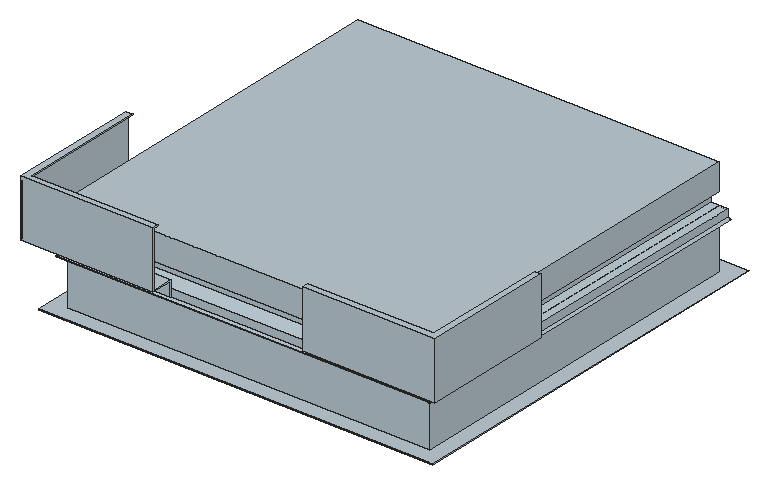
Revit family "NLRS_33_RB_DO_BILCO_dakluik_ESW-50REM", category Doors, host Roof, Revit 2015
Parameters (values of type "SmokeVentESW-50REM")
  windweerstand = "WL 1500"  # constant formula
  waterdicht = yes
  wapening = ""
  vergrendeling = ""
  thermische onderbreking = no
  sluiting_inbus = 0
  scharnierend = yes
  reukdicht = ""
  productgroep = "Dakluiken"  # constant formula
  openstand vergrendeling = no
  openingshoek = 140.00°
  omschrijving = "rookluik ESW-50-REM"  # constant formula
  omranding waterafvoerend = no
  omranding hoekprofiel = no
  omranding = yes
  normering = "EN12101-2"  # constant formula
  materiaal_rand = bcb_aluminium
  materiaal_paneel = bcb_aluminium
  materiaal = bcb_aluminium
  luchtdicht = ""
  lengte paneel = dagmaatlengte + 52 mm * 2  # 1364 mm
  lengte = dagmaatlengte + 114 mm * 2  # 1488 mm
  isolatiewaarde = 2.13  # constant formula
  isolatie = ""
  hoogte = hoogte opstand + 70 mm  # 375 mm
  gewicht = 0
  gasdrukveer = ""
  deksel of betonvulling = ""
  dagmaatlengte = 1260 mm  # constant formula
  dagmaatbreedte = 1260 mm  # constant formula
  conservering = "brut"  # constant formula
  code productgroep = "LUI"  # constant formula
  breuklast kN = 0
  breedte paneel = dagmaatbreedte + 52 mm * 2  # 1364 mm
  breedte = dagmaatbreedte + 114 mm * 2  # 1488 mm
  brandwerend 60 min = no
  bediening = "elektrisch"  # constant formula
  afsluitbaar = ""
  aansluiting BMC = yes
  Width = breedte  # 1488 mm
  hoogte opstand = 305 mm  # constant formula
  Thickness = 0 mm
  constructiedikte dak [instance] = 152.4 mm
  Rough Width = 0 mm
  Rough Height = 0 mm
  RWA = yes
  Model = "ESW50REM"  # constant formula
  Manufacturer = "Bilco"  # constant formula
  Length = lengte  # 1488 mm
  IfcExportType = "NOTDEFINED"  # constant formula
  IfcExportAs = "IfcDoor"  # constant formula
  Height = hoogte  # 375 mm
  Description = "rookluik ESW-50-REM"
  BCB_ProjectFolder = ""
Reference planes
  plane 1 "Center (Front/Back)": y = 0
  plane 2 "Roof": z = 4000
  plane 3 "Center (Left/Right)": x = 0
  plane 4: x = -630
  plane 5: x = 630
  plane 6: y = -630
  plane 7: y = 630
  plane 8 "RoofTopFace": z = 4152.4
  plane 9: z = 4457.4
  plane 10: z = 4425.4
  plane 11: z = 4527.4
  plane 12: y = 682
  plane 13: y = -682
  plane 14: x = -682
  plane 15: x = 682
  plane 16: y = 677
  plane 17: x = -677
  plane 18: x = 677
  plane 19: y = -677
  plane 20: x = -666
  plane 21: y = 666
  plane 22: y = -666
  plane 23: x = 666
  plane 24: x = -744
  plane 25: x = 744
  plane 26: y = 182.5
  plane 27: y = -182.5
  plane 28: z = 4472.4
  plane 29: y = -176.899
  plane 30: y = -783
  plane 31: x = -783
  plane 32: x = 783
  plane 33: x = -283
  plane 34: x = 283
  plane 35: y = -283
  plane 36: x = -325
Forms (mm)
  Sweep 1, solid, material "bcb_aluminium" <- "materiaal_rand", detail levels medium+fine
    path origin (0, 0, 4152.4) x (0, 1, 0) y (-1, 0, 0)
      loop
        line (-630, 630) -> (-630, -630) -> (630, -630) -> (630, 630) -> (-630, 630)
    profile "NLRS_33_RB_DO_Bilco_ESW-50REM_Profiel_Rand-Fine : NLRS_33_RB_DO_Bilco_ESW-50REM_Profiel_Rand-Fine" origin (0, -630, 4152.4) x (0, 1, 0) y (0, 0, 1)
      loop
        line (0, 0) -> (0, 305) -> (-36, 305) -> (-36, 243) -> (-70, 216) -> (-70, 188) -> (-78, 178) -> (-76.438, 176.751) -> (-68, 187.298) -> (-68, 215.034) -> (-53, 226.946) -> (-53, 2) -> (-114, 2) -> (-114, 0) -> (0, 0)
  Sweep 2, solid, material "bcb_aluminium" <- "materiaal_rand", detail levels coarse
    path origin (0, 0, 4152.4) x (0, 1, 0) y (-1, 0, 0)
      loop
        line (-630, 630) -> (-630, -630) -> (630, -630) -> (630, 630) -> (-630, 630)
    profile "NLRS_33_RB_DO_Bilco_ESW-50REM_Profiel_Rand-Coarse : NLRS_33_RB_DO_Bilco_ESW-50REM_Profiel_Rand-Coarse" origin (0, -630, 4152.4) x (0, 1, 0) y (0, 0, 1)
      loop
        line (0, 0) -> (0, 305) -> (-36, 305) -> (-36, 243) -> (-53, 229.5) -> (-53, 2) -> (-114, 2) -> (-114, 0) -> (0, 0)
  Extrusion 3, solid, material "bcb_aluminium" <- "materiaal_paneel", detail levels medium+fine
    sketch origin (0, 0, 4152.4) x (0, 1, 0) y (-1, 0, 0)
      loop
        line (682, 682) -> (-682, 682) -> (-682, -682) -> (682, -682) -> (682, 682)
    from 273 to 375
  Extrusion 4, void
    sketch origin (0, 0, 4152.4) x (0, 1, 0) y (-1, 0, 0)
      loop
        line (677, 677) -> (-677, 677) -> (-677, -677) -> (677, -677) -> (677, 677)
    from 273 to 320
  Extrusion 5, solid, material "bcb_aluminium" <- "materiaal_paneel", detail levels coarse
    sketch origin (0, 0, 4152.4) x (0, 1, 0) y (-1, 0, 0)
      loop
        line (-682, 682) -> (-682, -682) -> (682, -682) -> (682, 682) -> (-682, 682)
    from 273 to 375
  Extrusion 6, void
    sketch origin (0, 0, 4152.4) x (0, 1, 0) y (-1, 0, 0)
      loop
        line (-666, 666) -> (-666, -666) -> (666, -666) -> (666, 666) -> (-666, 666)
    from 273 to 305
  Sweep 7, solid, material "bcb_aluminium" <- "materiaal_paneel", detail levels medium+fine
    path origin (0, 0, 4152.4) x (0, 1, 0) y (-1, 0, 0)
      loop
        line (-630, 630) -> (-630, -630) -> (630, -630) -> (630, 630) -> (-630, 630)
    profile origin (0, -630, 4152.4) x (0, 1, 0) y (0, 0, 1)
      loop
        line (-28, 320) -> (-28, 305) -> (-6, 305) -> (-6, 320) -> (-28, 320)
  Sweep 8, solid, material "bcb_aluminium" <- "materiaal_rand", detail levels medium+fine
    path origin (0, 0, 4152.4) x (0, 1, 0) y (-1, 0, 0)
      loop
        line (-283, 783) -> (-783, 783) -> (-783, 283)
    profile "NLRS_33_RB_DO_Bilco_ESW-50REM_Profiel_Windvanger-Fine : NLRS_33_RB_DO_Bilco_ESW-50REM_Profiel_Windvanger-Fine" origin (-783, -533, 4152.4) x (1, 0, 0) y (0, 0, 1)
      loop
        line (83, 188) -> (83, 243) -> (4, 243) -> (4, 451) -> (25, 451) -> (25, 455) -> (0, 455) -> (0, 239) -> (79, 239) -> (79, 188) -> (83, 188)
  Sweep 9, solid, material "bcb_aluminium" <- "materiaal_rand", detail levels medium+fine
    path origin (0, 0, 4152.4) x (0, 1, 0) y (-1, 0, 0)
      loop
        line (-783, -283) -> (-783, -783) -> (-283, -783)
    profile "NLRS_33_RB_DO_Bilco_ESW-50REM_Profiel_Windvanger-Fine : NLRS_33_RB_DO_Bilco_ESW-50REM_Profiel_Windvanger-Fine" origin (533, -783, 4152.4) x (0, 1, 0) y (0, 0, 1)
      loop
        line (83, 188) -> (83, 243) -> (4, 243) -> (4, 451) -> (25, 451) -> (25, 455) -> (0, 455) -> (0, 239) -> (79, 239) -> (79, 188) -> (83, 188)
  Sweep 10, solid, material "bcb_aluminium", detail levels coarse
    path origin (0, 0, 4152.4) x (0, 1, 0) y (-1, 0, 0)
      loop
        line (-283, 783) -> (-783, 783) -> (-783, 283)
    profile "NLRS_33_RB_DO_Bilco_ESW-50REM_Profiel_Windvanger-Coarse : NLRS_33_RB_DO_Bilco_ESW-50REM_Profiel_Windvanger-Coarse" origin (-783, -533, 4152.4) x (1, 0, 0) y (0, 0, 1)
      loop
        line (117, 243) -> (4, 243) -> (4, 455) -> (0, 455) -> (0, 239) -> (112, 239) -> (117, 243)
  Sweep 11, solid, material "bcb_aluminium", detail levels coarse
    path origin (0, 0, 4152.4) x (0, 1, 0) y (-1, 0, 0)
      loop
        line (-783, -283) -> (-783, -783) -> (-283, -783)
    profile "NLRS_33_RB_DO_Bilco_ESW-50REM_Profiel_Windvanger-Coarse : NLRS_33_RB_DO_Bilco_ESW-50REM_Profiel_Windvanger-Coarse" origin (533, -783, 4152.4) x (0, 1, 0) y (0, 0, 1)
      loop
        line (117, 243) -> (4, 243) -> (4, 455) -> (0, 455) -> (0, 239) -> (112, 239) -> (117, 243)
Cuts and joins
  Extrusion 4 cuts Extrusion 3
  Extrusion 6 cuts Extrusion 5
Lines and regions (mm)
  Opening 1
    outline origin (0, 0, 4152.4) x (0, 1, 0) y (-1, 0, 0)
      loop
        line (630, 630) -> (-630, 630) -> (-630, -630) -> (630, -630) -> (630, 630)
  Masking region 1
    outline origin (0, 0, 4152.4) x (0, 1, 0) y (-1, 0, 0)
      loop
        line (182.5, 744) -> (-182.5, 744) -> (-182.5, -744) -> (182.5, -744) -> (182.5, 744)
  symbolic lines, style "DoorsHiddenLines", detail levels fine
    curve 1: line (-630, -630, 4152.4) -> (630, -630, 4152.4)
    curve 2: line (-630, 630, 4152.4) -> (-630, -630, 4152.4)
    curve 3: line (630, 630, 4152.4) -> (-630, 630, 4152.4)
    curve 4: line (630, -630, 4152.4) -> (630, 630, 4152.4)
  symbolic lines, style "DoorsPanelProjection"
    curve 5: line (-682, -682, 4152.4) -> (682, -682, 4152.4)
    curve 6: line (-682, 682, 4152.4) -> (-682, -682, 4152.4)
    curve 7: line (682, 682, 4152.4) -> (-682, 682, 4152.4)
    curve 8: line (682, -682, 4152.4) -> (682, 682, 4152.4)
  symbolic lines, style "DoorsOpeningProjection", detail levels medium+fine
    curve 9: line (-682, 682, 4152.4) -> (0, -682, 4152.4)
    curve 10: line (0, -682, 4152.4) -> (682, 682, 4152.4)
Dimensions and locks
  equal spacing: host sketch curve, plane 3 "Center (Left/Right)", host sketch curve
  equal spacing: host sketch curve, plane 1 "Center (Front/Back)", host sketch curve
  equal spacing: plane 4, plane 3 "Center (Left/Right)", plane 5
  "dagmaatlengte": plane 4 to plane 5
  equal spacing: plane 7, plane 1 "Center (Front/Back)", plane 6
  "dagmaatbreedte": plane 7 to plane 6
  "constructiedikte dak": host roof to host roof
  "hoogte opstand": plane 9 to plane 8 "RoofTopFace"
  locked: plane 14 to plane 17 at 5
  locked: plane 18 to plane 15 at 5
  locked: plane 12 to plane 16 at 5
  equal spacing: plane 12, plane 1 "Center (Front/Back)", plane 13
  "breedte paneel": plane 12 to plane 13
  equal spacing: plane 14, plane 3 "Center (Left/Right)", plane 15
  "lengte paneel": plane 14 to plane 15
  locked: plane 19 to plane 13 at 5
  locked: plane 23 to plane 15 at 16
  locked: plane 14 to plane 20 at 16
  locked: plane 12 to plane 21 at 16
  locked: plane 22 to plane 13 at 16
  equal spacing: plane 24, plane 3 "Center (Left/Right)", plane 25
  "lengte": plane 24 to plane 25
  equal spacing: plane 27, plane 1 "Center (Front/Back)", plane 26
  plane 27 to plane 26 = 365 mm
  "Height": plane 11 to plane 8 "RoofTopFace"
  locked: plane 9 to plane 10 at 32
  locked: plane 28 to plane 9 at 15
  plane 6 to Sweep 7 sketch curve to Sweep 7 sketch curve = 6 mm locked, 22 mm locked
  locked: plane 4 to plane 36 at 305
  locked: plane 35 to plane 30 at 500
  locked: plane 31 to plane 4 at 153
  locked: plane 5 to plane 32 at 153
  locked: plane 6 to plane 30 at 153
  locked: plane 31 to plane 33 at 500
  locked: plane 34 to plane 32 at 500
  aligned and locked: level to plane 2 "Roof"
  aligned and locked: Opening 1 sketch curve to plane 7
  aligned and locked: plane 4 to Opening 1 sketch curve
  aligned and locked: plane 6 to Opening 1 sketch curve
  aligned and locked: Opening 1 sketch curve to plane 5
  aligned and locked: plane 8 "RoofTopFace" to host roof
  aligned and locked: Sweep 1 sketch curve to plane 4
  aligned and locked: plane 7 to Sweep 1 sketch curve
  aligned and locked: plane 5 to Sweep 1 sketch curve
  aligned and locked: Sweep 1 sketch curve to plane 6
  aligned and locked: Sweep 2 sketch curve to plane 4
  aligned and locked: plane 7 to Sweep 2 sketch curve
  aligned and locked: plane 5 to Sweep 2 sketch curve
  aligned and locked: Sweep 2 sketch curve to plane 6
  aligned and locked: Extrusion 3 sketch curve to plane 12
  aligned and locked: plane 14 to Extrusion 3 sketch curve
  aligned and locked: plane 13 to Extrusion 3 sketch curve
  aligned and locked: Extrusion 3 sketch curve to plane 15
  aligned and locked: plane 11 to Extrusion 3
  aligned and locked: Extrusion 3 to plane 10
  aligned and locked: plane 19 to Extrusion 4 sketch curve
  aligned and locked: Extrusion 4 sketch curve to plane 18
  aligned and locked: Extrusion 4 sketch curve to plane 16
  aligned and locked: plane 17 to Extrusion 4 sketch curve
  aligned and locked: Extrusion 4 to plane 10
  aligned and locked: Extrusion 5 sketch curve to plane 14
  aligned and locked: plane 12 to Extrusion 5 sketch curve
  aligned and locked: Extrusion 5 sketch curve to plane 13
  aligned and locked: plane 15 to Extrusion 5 sketch curve
  aligned and locked: plane 21 to Extrusion 6 sketch curve
  aligned and locked: Extrusion 6 sketch curve to plane 20
  aligned and locked: Extrusion 6 sketch curve to plane 22
  aligned and locked: plane 23 to Extrusion 6 sketch curve
  aligned and locked: cut or joined group of Extrusion 5, Extrusion 6 to plane 10
  aligned and locked: plane 11 to cut or joined group of Extrusion 5, Extrusion 6
  aligned and locked: Extrusion 6 to plane 10
  aligned and locked: plane 9 to Extrusion 6
  aligned and locked: plane 28 to Extrusion 4
  aligned and locked: Sweep 7 sketch curve to plane 4
  aligned and locked: plane 7 to Sweep 7 sketch curve
  aligned and locked: plane 5 to Sweep 7 sketch curve
  aligned and locked: Sweep 7 sketch curve to plane 6
  aligned and locked: Sweep 7 sketch curve to plane 28
  aligned and locked: plane 9 to Sweep 7 sketch curve
  aligned and locked: plane 7 to curve 3
  aligned and locked: curve 1 to plane 6
  aligned and locked: curve 2 to plane 4
  aligned and locked: plane 5 to curve 4
  aligned and locked: plane 24 to Masking region 1 sketch curve
  aligned and locked: Masking region 1 sketch curve to plane 26
  aligned and locked: plane 25 to Masking region 1 sketch curve
  aligned and locked: Masking region 1 sketch curve to plane 27
  aligned and locked: curve 6 to plane 14
  aligned and locked: plane 12 to curve 7
  aligned and locked: plane 15 to curve 8
  aligned and locked: curve 5 to plane 13
  aligned and locked: plane 35 to Sweep 8 sketch curve
  aligned and locked: plane 33 to Sweep 8 sketch curve
  aligned and locked: Sweep 8 sketch curve to plane 30
  aligned and locked: Sweep 8 sketch curve to plane 31
  aligned and locked: plane 35 to Sweep 9 sketch curve
  aligned and locked: Sweep 9 sketch curve to plane 32
  aligned and locked: Sweep 9 sketch curve to plane 30
  aligned and locked: plane 34 to Sweep 9 sketch curve
  aligned and locked: plane 35 to Sweep 10 sketch curve
  aligned and locked: plane 33 to Sweep 10 sketch curve
  aligned and locked: Sweep 10 sketch curve to plane 30
  aligned and locked: Sweep 10 sketch curve to plane 31
  aligned and locked: plane 35 to Sweep 11 sketch curve
  aligned and locked: plane 34 to Sweep 11 sketch curve
  aligned and locked: Sweep 11 sketch curve to plane 30
  aligned and locked: Sweep 11 sketch curve to plane 32
  aligned and locked: nested 1 to plane 36
  aligned and locked: nested 1 to plane 1 "Center (Front/Back)"
  aligned and locked: plane 9 to nested 1
Automatic sketch dimensions
  curve 9 to plane 3 "Center (Left/Right)" = 0 mm
Nested families
  nested 1: "NLRS_33_RB_DO_Bilco_ESW-50REM_Aandrijving" at (-325, 0, 4457.4) x (-1, 0, 0) z (0, 0, 1), HardwareFinish <- "materiaal", type "NLRS_33_RB_DO_Bilco_ESW-50REM_Aandrijving", detail levels fine
    with Width 1260 mm, HardwareFinish bcb_aluminium, BottomArmLength 960 mm, ActuatorPosition 20 mm, ActuatorLength2 -1110 mm, ActuatorLength1 -100 mm
Definition of nested family "NLRS_33_RB_DO_Bilco_ESW-50REM_Aandrijving"
  Parameters
    Width [instance] = 1000 mm
    HardwareFinish [instance] = none
    BottomArmLength [instance] = Width - 300 mm  # 700 mm
    ActuatorPosition [instance] = 20 mm  # constant formula
    ActuatorLength2 [instance] = -BottomArmLength - 150 mm  # -850 mm
    ActuatorLength1 [instance] = -100 mm  # constant formula
  Reference planes
    plane 1 "Center (Front/Back)": y = 0
    plane 2: z = 0
    plane 3 "Center (Left/Right)": x = 0
    plane 4: y = 500
    plane 5: y = -500
    plane 6: x = -132
    plane 7: x = 132
    plane 8: y = 458
    plane 9: y = -458
    plane 10: y = 400
    plane 11: z = -205
    plane 12: y = -300
    plane 13: y = 230
    plane 14: z = -50
    plane 15: z = -25
    plane 16: z = -175
    plane 17: z = 15
  Forms (mm)
    Extrusion 1, solid, material <- "HardwareFinish"
      sketch origin (0, 0, 0) x (1, 0, 0) y (0, 1, 0)
        loop
          line (-132, 500) -> (-132, 458) -> (-100, 458) -> (-83, 495) -> (-83, 500) -> (-132, 500)
        loop
          line (132, 500) -> (83, 500) -> (83, 495) -> (100, 458) -> (132, 458) -> (132, 500)
        loop
          line (-132, -500) -> (-83, -500) -> (-83, -495) -> (-100, -458) -> (-132, -458) -> (-132, -500)
        loop
          line (132, -500) -> (132, -458) -> (100, -458) -> (83, -495) -> (83, -500) -> (132, -500)
      from -50 to 0
    Extrusion 2, solid, material <- "HardwareFinish"
      sketch origin (0, 0, 0) x (1, 0, 0) y (0, 1, 0)
        loop
          line (-132, 458) -> (-132, -458) -> (-104, -458) -> (-104, 458) -> (-132, 458)
        loop
          line (132, 458) -> (104, 458) -> (104, -458) -> (132, -458) -> (132, 458)
      from -50 to 0
    Extrusion 3, solid, material <- "HardwareFinish"
      sketch origin (0, 0, 0) x (0, 1, 0) y (0, 0, 1)
        loop
          line (415, -220) -> (415, -190) -> (-255, -190) -> (-285, -160) -> (-315, -160) -> (-315, -220) -> (415, -220)
      from 30 to 40
    Extrusion 4, solid, material <- "HardwareFinish"
      sketch origin (0, 400, -205) x (0, -0.686624, 0.727013) y (0, -0.727013, -0.686624)
        loop
          line (-20, 20) -> (-20, -20) -> (267.588, -20) -> (267.588, 20) -> (-20, 20)
      from 70 to 60
    Extrusion 5, solid, material <- "HardwareFinish"
      sketch origin (0, 230, -25) x (0, -0.962206, -0.272322) y (0, 0.272322, -0.962206)
        loop
          line (-10, 10) -> (-10, -10) -> (560.818, -10) -> (560.818, 10) -> (-10, 10)
      from 40 to 50
    Extrusion 6, solid, material <- "HardwareFinish"
      sketch origin (0, 230, -25) x (0, -0.962206, -0.272322) y (0, 0.272322, -0.962206)
        loop
          line (-10, 10) -> (-10, -10) -> (560.818, -10) -> (560.818, 10) -> (-10, 10)
      from -50 to -40
    Extrusion 7, solid, material <- "HardwareFinish"
      sketch origin (0, 400, -205) x (0, -0.686624, 0.727013) y (0, -0.727013, -0.686624)
        loop
          line (-20, 20) -> (-20, -20) -> (267.588, -20) -> (267.588, 20) -> (-20, 20)
      from -70 to -60
    Extrusion 8, solid, material <- "HardwareFinish"
      sketch origin (0, 0, 0) x (0, 1, 0) y (0, 0, 1)
        loop
          line (415, -220) -> (415, -190) -> (-255, -190) -> (-285, -160) -> (-315, -160) -> (-315, -220) -> (415, -220)
      from -40 to -30
    Extrusion 9, solid, material <- "HardwareFinish"
      sketch origin (0, 0, 0) x (1, 0, 0) y (0, 1, 0)
        loop
          line (-60, 390) -> (-55, 390) -> (-55, 425) -> (-20, 425) -> (-20, 430) -> (-60, 430) -> (-60, 390)
        loop
          line (60, 390) -> (60, 430) -> (20, 430) -> (20, 425) -> (55, 425) -> (55, 390) -> (60, 390)
      from -230 to 0
    Extrusion 10, solid, material <- "HardwareFinish"
      sketch origin (0, 0, 0) x (0, 1, 0) y (0, 0, 1)
        loop
          line (458, 0) -> (430, 0) -> (430, -50) -> (458, -50) -> (458, 0)
      from -104 to 104
    Extrusion 11, solid, material <- "HardwareFinish"
      sketch origin (0, 0, 0) x (0, 1, 0) y (0, 0, 1)
        loop
          circle (230, -25) r 8
      from 132 to 134
    Extrusion 12, solid, material <- "HardwareFinish"
      sketch origin (0, 0, 0) x (0, 1, 0) y (0, 0, 1)
        loop
          circle (230, -25) r 8
      from -134 to -132
    Extrusion 13, solid, material <- "HardwareFinish"
      sketch origin (0, 0, 0) x (0, 1, 0) y (0, 0, 1)
        loop
          circle (400, -205) r 8
      from -72 to -70
    Extrusion 14, solid, material <- "HardwareFinish"
      sketch origin (0, 0, 0) x (0, 1, 0) y (0, 0, 1)
        loop
          circle (400, -205) r 8
      from 70 to 72
    Extrusion 15, solid, material <- "HardwareFinish"
      sketch origin (0, 0, 0) x (0, 1, 0) y (0, 0, 1)
        loop
          circle (-300, -175) r 8
      from 50 to 52
    Extrusion 16, solid, material <- "HardwareFinish"
      sketch origin (0, 0, 0) x (0, 1, 0) y (0, 0, 1)
        loop
          circle (-300, -175) r 8
      from -52 to -50
    Extrusion 17, solid, material <- "HardwareFinish"
      sketch origin (0, 400, -50) x (1, 0, 0) y (0, 0.175791, -0.984428)
        loop
          circle (0, 0) r 30
      from -850 <- "ActuatorLength2" to -100 <- "ActuatorLength1"
    Extrusion 18, solid, material <- "HardwareFinish"
      sketch origin (0, 400, -50) x (1, 0, 0) y (0, 0.175791, -0.984428)
        loop
          circle (0, 0) r 10
      from -100 <- "ActuatorLength1" to 20 <- "ActuatorPosition"
    Extrusion 19, solid, material <- "HardwareFinish"
      sketch origin (0, 0, 0) x (0, 1, 0) y (0, 0, 1)
        loop
          circle (230, -25) r 20
      from 70 to 104
    Extrusion 20, solid, material <- "HardwareFinish"
      sketch origin (0, 0, 0) x (0, 1, 0) y (0, 0, 1)
        loop
          circle (230, -25) r 20
      from -104 to -70
    Extrusion 21, solid, material <- "HardwareFinish"
      sketch origin (0, 0, 0) x (1, 0, 0) y (0, 0, 1)
        loop
          line (-30, 15) -> (-30, 10) -> (-15, 10) -> (-15, -60) -> (-10, -60) -> (-10, 10) -> (10, 10) -> (10, -60) -> (15, -60) -> (15, 10) -> (30, 10) -> (30, 15) -> (-30, 15)
      from -430 to -370
    Extrusion 22, void
      sketch origin (0, 0, 0) x (0, 1, 0) y (0, 0, 1)
        loop
          arc (409.511, -53.089) -> (400, -60) -> (390.489, -53.089) r 10
          line (390.489, -53.089) -> (370, 10) -> (370, -70) -> (430, -70) -> (430, 10) -> (409.511, -53.089)
      from -30 to 30
  Cuts and joins
    Extrusion 22 cuts Extrusion 2
    Extrusion 22 cuts Extrusion 10
    Extrusion 22 cuts Extrusion 21
  Lines and regions (mm)
    reference lines
      curve 1: line (0, 400, -205) -> (0, 230, -25)
      curve 2: line (0, 230, -25) -> (0, -300, -175)
      curve 3: line (0, -300, -175) -> (0, 400, -50)
  Dimensions and locks
    equal spacing: plane 4, plane 1 "Center (Front/Back)", plane 5
    "Width": plane 4 to plane 5
    equal spacing: plane 6, plane 3 "Center (Left/Right)", plane 7
    locked: plane 6 to plane 7 at 264
    locked: plane 9 to plane 5 at 42
    locked: plane 4 to plane 8 at 42
    locked: plane 2 to plane 14 at 50
    equal spacing: plane 2, plane 15, plane 14
    locked: plane 15 to plane 11 at 180
    "BottomArmLength": plane 10 to plane 12
    locked: plane 15 to plane 16 at 150
    Extrusion 4 sketch curve to curve 1 to Extrusion 4 sketch curve = 20 mm locked, 20 mm locked
    locked: curve 1 to Extrusion 4 sketch curve at 20
    locked: Extrusion 4 sketch curve to curve 2 at 20
    Extrusion 5 sketch curve to curve 2 to Extrusion 5 sketch curve = 10 mm locked, 10 mm locked
    locked: curve 2 to Extrusion 5 sketch curve at 10  (x2)
    Extrusion 6 sketch curve to curve 2 to Extrusion 6 sketch curve = 10 mm locked, 10 mm locked
    locked: curve 2 to Extrusion 6 sketch curve at 10  (x2)
    Extrusion 7 sketch curve to curve 1 to Extrusion 7 sketch curve = 20 mm locked, 20 mm locked
    locked: curve 1 to Extrusion 7 sketch curve at 20
    locked: curve 2 to Extrusion 7 sketch curve at 20
    locked: Extrusion 3 sketch curve to plane 10 at 15
    Extrusion 3 sketch curve to plane 11 to Extrusion 3 sketch curve = 15 mm locked, 15 mm locked
    Extrusion 3 sketch curve to Extrusion 3 sketch curve to plane 12 to Extrusion 3 sketch curve = 30 mm locked, 15 mm locked, 15 mm locked
    locked: Extrusion 3 sketch curve to plane 16 at 15
    Extrusion 8 sketch curve to plane 11 to Extrusion 8 sketch curve = 15 mm locked, 15 mm locked
    locked: Extrusion 8 sketch curve to plane 10 at 15
    Extrusion 8 sketch curve to Extrusion 8 sketch curve to plane 12 to Extrusion 8 sketch curve = 30 mm locked, 15 mm locked, 15 mm locked
    locked: Extrusion 8 sketch curve to plane 16 at 15
    plane 4 to plane 10 to plane 13 = 100 mm locked, 170 mm locked
    locked: plane 11 to Extrusion 9 at 25
    locked: plane 17 to plane 2 at 15
    Extrusion 21 to plane 10 to Extrusion 21 = 30 mm locked, 30 mm locked
    Extrusion 22 sketch curve to plane 10 to Extrusion 22 sketch curve = 30 mm locked, 30 mm locked
    aligned and locked: level to plane 2
    aligned and locked: Extrusion 1 sketch curve to plane 5
    aligned and locked: plane 5 to Extrusion 1 sketch curve
    aligned and locked: plane 7 to Extrusion 1 sketch curve
    aligned and locked: plane 6 to Extrusion 1 sketch curve
    aligned and locked: Extrusion 1 sketch curve to plane 6
    aligned and locked: Extrusion 1 sketch curve to plane 7
    aligned and locked: plane 4 to Extrusion 1 sketch curve
    aligned and locked: Extrusion 1 sketch curve to plane 4
    aligned and locked: Extrusion 1 sketch curve to plane 8
    aligned and locked: plane 8 to Extrusion 1 sketch curve
    aligned and locked: plane 9 to Extrusion 1 sketch curve
    aligned and locked: Extrusion 1 sketch curve to plane 9
    aligned and locked: Extrusion 2 sketch curve to plane 8
    aligned and locked: plane 8 to Extrusion 2 sketch curve
    aligned and locked: Extrusion 2 sketch curve to plane 9
    aligned and locked: plane 9 to Extrusion 2 sketch curve
    aligned and locked: Extrusion 2 to plane 14
    aligned and locked: plane 2 to Extrusion 2
    aligned and locked: Extrusion 1 to plane 14
    aligned and locked: plane 2 to Extrusion 1
    aligned and locked: plane 15 to curve 1
    aligned and locked: plane 10 to curve 1
    aligned and locked: plane 12 to curve 2
    aligned and locked: plane 2 to Extrusion 9
    aligned and locked: Extrusion 10 sketch curve to plane 2
    aligned and locked: Extrusion 10 sketch curve to plane 8
    aligned and locked: plane 14 to Extrusion 10 sketch curve
    aligned and locked: Extrusion 10 to Extrusion 2  (x2)
    aligned and locked: plane 10 to curve 3
  Automatic sketch dimensions
    Extrusion 1 sketch curve to Extrusion 1 sketch curve = 32 mm  (x2)
    Extrusion 1 sketch curve to Extrusion 1 sketch curve = 17 mm  (x2)
    plane 5 to Extrusion 1 sketch curve = 5 mm  (x2)
    Extrusion 1 sketch curve to plane 7 = 49 mm  (x2)
    Extrusion 1 sketch curve to plane 4 = 5 mm  (x2)
    Extrusion 1 sketch curve to plane 7 = 32 mm  (x2)
    Extrusion 2 sketch curve to plane 6 = 0 mm
    Extrusion 2 sketch curve to plane 7 = 0 mm
    Extrusion 2 sketch curve to Extrusion 2 sketch curve = 28 mm
    Extrusion 2 sketch curve to plane 7 = 28 mm
    plane 10 to Extrusion 9 sketch curve = 10 mm  (x2)
    Extrusion 9 sketch curve to plane 3 "Center (Left/Right)" = 60 mm
    Extrusion 9 sketch curve to Extrusion 9 sketch curve = 5 mm  (x4)
    Extrusion 9 sketch curve to plane 8 = 33 mm  (x2)
    Extrusion 9 sketch curve to plane 3 "Center (Left/Right)" = 20 mm
    plane 3 "Center (Left/Right)" to Extrusion 9 sketch curve = 20 mm
    Extrusion 9 sketch curve to Extrusion 9 sketch curve = 35 mm
    Extrusion 10 sketch curve to plane 8 = 28 mm
    Extrusion 11 sketch curve to plane 13 = 0 mm
    Extrusion 11 sketch curve to plane 15 = 0 mm
    Extrusion 12 sketch curve to plane 13 = 0 mm
    Extrusion 12 sketch curve to plane 15 = 0 mm
    Extrusion 13 sketch curve to plane 10 = 0 mm
    Extrusion 13 sketch curve to plane 11 = 0 mm
    Extrusion 14 sketch curve to plane 10 = 0 mm
    Extrusion 14 sketch curve to plane 11 = 0 mm
    Extrusion 15 sketch curve to plane 12 = 0 mm
    Extrusion 15 sketch curve to plane 16 = 0 mm
    Extrusion 16 sketch curve to plane 12 = 0 mm
    Extrusion 16 sketch curve to plane 16 = 0 mm
    Extrusion 17 sketch curve to plane 3 "Center (Left/Right)" = 0 mm
    curve 2 to plane 13 = 0 mm
    curve 1 to plane 11 = 0 mm
    curve 3 to plane 16 = 0 mm
    curve 3 to plane 14 = 0 mm
    Extrusion 18 sketch curve to plane 3 "Center (Left/Right)" = 0 mm
    Extrusion 19 sketch curve to plane 13 = 0 mm
    Extrusion 19 sketch curve to plane 15 = 0 mm
    Extrusion 20 sketch curve to plane 13 = 0 mm
    Extrusion 20 sketch curve to plane 15 = 0 mm
    plane 6 to Extrusion 21 sketch curve = 102 mm
    Extrusion 21 sketch curve to Extrusion 21 sketch curve = 15 mm  (x2)
    Extrusion 21 sketch curve to Extrusion 21 sketch curve = 5 mm  (x3)
    Extrusion 21 sketch curve to Extrusion 21 sketch curve = 20 mm
    Extrusion 21 sketch curve to plane 17 = 75 mm
    Extrusion 21 sketch curve to Extrusion 21 sketch curve = 0 mm  (x3)
    Extrusion 21 sketch curve to Extrusion 21 sketch curve = 70 mm
    Extrusion 22 sketch curve to plane 10 = 0 mm
    Extrusion 22 sketch curve to plane 14 = 0 mm
    Extrusion 22 sketch curve to plane 14 = 3.089 mm  (x2)
    Extrusion 22 sketch curve to plane 10 = 9.511 mm
    Extrusion 22 sketch curve to plane 14 = 20 mm
    Extrusion 22 sketch curve to plane 17 = 5 mm  (x2)
    radius of Extrusion 11 sketch curve = 8 mm
    radius of Extrusion 12 sketch curve = 8 mm
    radius of Extrusion 13 sketch curve = 8 mm
    radius of Extrusion 14 sketch curve = 8 mm
    radius of Extrusion 15 sketch curve = 8 mm
    radius of Extrusion 16 sketch curve = 8 mm
    radius of Extrusion 17 sketch curve = 30 mm
    radius of Extrusion 18 sketch curve = 10 mm
    radius of Extrusion 19 sketch curve = 20 mm
    radius of Extrusion 20 sketch curve = 20 mm
